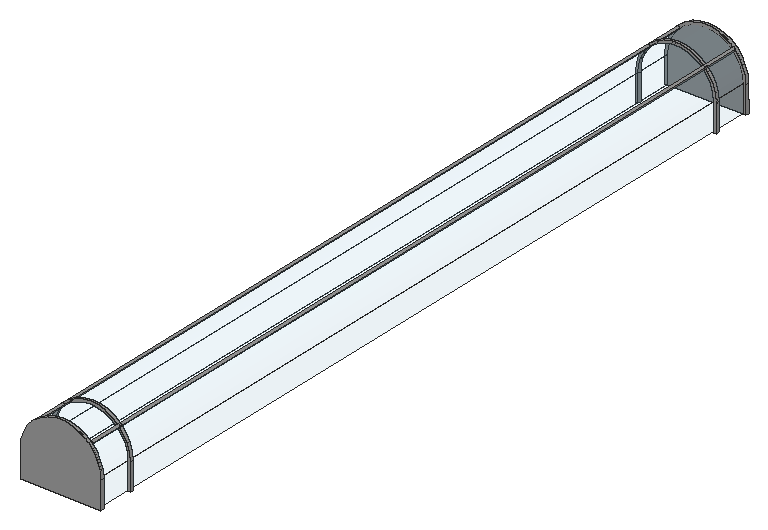
Revit family "WS900", category Lighting Fixtures, host Face, Revit 2024
Family settings
  Host = Face
  Round Connector Dimension = Use Diameter
  Part Type = Normal
  Cut with Voids When Loaded = No
  Light Source = Yes
  Maintain Annotation Orientation = No
  Shared = No
  Room Calculation Point = No
Parameters (values of type "WS900-5")
  Wattage = 9.2903 W
  built-in parameter 1150110 = 1 (stored number, unit not read)
  URL = "https://cdn.shopify.com/s/files/1/0618/1250/6818/files/Lumux_WS900.pdf?v=1717697055"
  built-in parameter 1114217 = 1 (stored number, unit not read)
  built-in parameter 1150109 = 1 (stored number, unit not read)
  built-in parameter 1150134 = 3
  built-in parameter 1150113 = 1 (stored number, unit not read)
  Model = "WS900-5"
  Manufacturer = "sales@lumux.com"
  built-in parameter 1150105 = 439.27 (stored number, unit not read)
  Lumens = 1380 lm
  built-in parameter 1150115 = 1 (stored number, unit not read)
  Light Source Symbol Size = 609.6 mm
  built-in parameter 1150137 = (empty or 0)
  built-in parameter 1150139 = (empty or 0)
  built-in parameter 1150112 = 1 (stored number, unit not read)
  built-in parameter 1150114 = 1 (stored number, unit not read)
  built-in parameter 1150132 = (empty or 0)
  built-in parameter 1150102 = (empty or 0)
  built-in parameter 1150107 = 3200 (stored number, unit not read)
  built-in parameter 1150138 = (empty or 0)
  built-in parameter 1150106 = 4.3927 (stored number, unit not read)
  Height = 1524 mm
  built-in parameter 1150104 = 13.8 (stored number, unit not read)
  Dimming Lamp Color Temperature Shift = <None>
  Description = "WALL SCONCE"
  Default Elevation = 1219.2 mm
  Color Filter = 16777215
  built-in parameter 1114218 = 1 (stored number, unit not read)
  built-in parameter 1150133 = 10 (stored number, unit not read)
Types (5, lengths in mm): name | Model | Height
  (no name) | "WS900-5" | 1524
  WS900-1 | "WS900-1" | 457.2
  WS900-2 | "WS900-2" | 609.6
  WS900-4 | "WS900-4" | 1219.2
  WS900-5 | "WS900-5" | 1524
Reference planes
  plane 1 "Center (Front/Back)": y = 0
  plane 2: z = 0
  plane 3 "Center (Left/Right)": x = 0
  plane 4: y = 762
  plane 5: y = -762
  plane 6: y = 687.1
  plane 7: y = -687.1
Forms (mm)
  Extrusion 1, solid, material "Louvre"
    sketch origin (96.2, 0, 0) x (1, 0, 0) y (0, 0, 1)
      loop
        line (-20, 0) -> (-20, 50.8)
        arc (-20, 50.8) -> (-96.2, 127) -> (-172.4, 50.8) r 76.2
        line (-172.4, 50.8) -> (-172.4, 0) -> (-20, 0)
    from -762 to -757
  Extrusion 2, solid, material "Louvre"
    sketch origin (96.2, 0, 0) x (1, 0, 0) y (0, 0, 1)
      loop
        line (-20, 0) -> (-20, 50.8)
        arc (-20, 50.8) -> (-96.2, 127) -> (-172.4, 50.8) r 76.2
        line (-172.4, 50.8) -> (-172.4, 0) -> (-20, 0)
    from 762 to 757
  Extrusion 3, solid, material "Glass"
    sketch origin (96.2, 0, 0) x (1, 0, 0) y (0, 0, 1)
      loop
        line (-25, 0) -> (-25, 50.8)
        arc (-25, 50.8) -> (-96.2, 122) -> (-167.4, 50.8) r 71.2
        line (-167.4, 50.8) -> (-167.4, 0) -> (-25, 0)
    from -757 to 757
  Extrusion 4, solid, material "Louvre"
    sketch origin (96.2, 0, 0) x (1, 0, 0) y (0, 0, 1)
      loop
        line (-20, 0) -> (-20, 50.8)
        arc (-20, 50.8) -> (-96.2, 127) -> (-172.4, 50.8) r 76.2
        line (-172.4, 50.8) -> (-172.4, 0) -> (-167.4, 0) -> (-167.4, 50.8)
        arc (-167.4, 50.8) -> (-96.2, 122) -> (-25, 50.8) r 71.2
        line (-25, 50.8) -> (-25, 0) -> (-20, 0)
    from -692.061 to -687.1
  Extrusion 5, solid, material "Louvre"
    sketch origin (96.2, 0, 0) x (1, 0, 0) y (0, 0, -1)
      loop
        line (-20, 0) -> (-25, 0) -> (-25, -50.8)
        arc (-25, -50.8) -> (-96.2, -122) -> (-167.4, -50.8) r 71.2
        line (-167.4, -50.8) -> (-167.4, 0) -> (-172.4, 0) -> (-172.4, -50.8)
        arc (-172.4, -50.8) -> (-96.2, -127) -> (-20, -50.8) r 76.2
        line (-20, -50.8) -> (-20, 0)
    from -692.061 to -687.1
  Extrusion 6, solid, material "Louvre"
    sketch origin (96.2, 0, 0) x (1, 0, 0) y (0, 0, 1)
      loop
        line (-151.82, 102.885) -> (-148.283, 99.347)
        arc (-148.283, 99.347) -> (-146.546, 101.146) -> (-144.747, 102.883) r 71.2
        line (-144.747, 102.883) -> (-148.285, 106.42)
        arc (-148.285, 106.42) -> (-150.082, 104.682) -> (-151.82, 102.885) r 76.2
    from -757 to 757
  Extrusion 7, solid, material "Louvre"
    sketch origin (-96.2, 0, 0) x (-1, 0, 0) y (0, 0, -1)
      loop
        arc (-151.82, -102.885) -> (-150.082, -104.682) -> (-148.285, -106.42) r 76.2
        line (-148.285, -106.42) -> (-144.747, -102.883)
        arc (-144.747, -102.883) -> (-146.546, -101.146) -> (-148.283, -99.347) r 71.2
        line (-148.283, -99.347) -> (-151.82, -102.885)
    from -757 to 757
Dimensions and locks
  equal spacing: plane 4, plane 1 "Center (Front/Back)", plane 5
  "Height": plane 4 to plane 5
  locked: plane 4 to Extrusion 1 at 5
  locked: Extrusion 2 to plane 5 at 5
  locked: plane 7 to Extrusion 5 at 4.961
  locked: Extrusion 4 to plane 6 at 4.961
  locked: plane 4 to plane 6 at 74.9
  locked: plane 7 to plane 5 at 74.9
  aligned and locked: plane 2 to host face
  aligned and locked: level to host face
  aligned and locked: plane 4 to Extrusion 1
  aligned and locked: Extrusion 2 to plane 5
  aligned and locked: Extrusion 3 to Extrusion 1
  aligned and locked: Extrusion 3 to Extrusion 2
  aligned and locked: plane 7 to Extrusion 5
  aligned and locked: Extrusion 4 to plane 6
  aligned and locked: Extrusion 6 to Extrusion 1
  aligned and locked: Extrusion 6 to Extrusion 2
  aligned and locked: Extrusion 7 to Extrusion 1
  aligned and locked: Extrusion 7 to Extrusion 2
Automatic sketch dimensions
  host sketch curve to host sketch curve = 2438.4 mm  (x2)
  Extrusion 1 sketch curve to level = 0 mm
  Extrusion 1 sketch curve to plane 3 "Center (Left/Right)" = 0 mm
  Extrusion 1 sketch curve to Extrusion 1 sketch curve = 76.2 mm
  Extrusion 1 sketch curve to Extrusion 1 sketch curve = 50.8 mm
  Extrusion 2 sketch curve to level = 0 mm
  Extrusion 2 sketch curve to plane 3 "Center (Left/Right)" = 0 mm
  Extrusion 2 sketch curve to Extrusion 2 sketch curve = 76.2 mm
  Extrusion 2 sketch curve to Extrusion 2 sketch curve = 50.8 mm
  Extrusion 3 sketch curve to level = 0 mm
  Extrusion 3 sketch curve to plane 3 "Center (Left/Right)" = 0 mm
  Extrusion 3 sketch curve to plane 3 "Center (Left/Right)" = 71.2 mm
  Extrusion 3 sketch curve to Extrusion 3 sketch curve = 50.8 mm
  Extrusion 4 sketch curve to Extrusion 4 sketch curve = 0 mm  (x2)
  Extrusion 4 sketch curve to level = 0 mm  (x2)
  Extrusion 4 sketch curve to plane 3 "Center (Left/Right)" = 0 mm
  Extrusion 4 sketch curve to plane 3 "Center (Left/Right)" = 71.2 mm
  Extrusion 4 sketch curve to Extrusion 4 sketch curve = 5 mm
  level to Extrusion 4 sketch curve = 50.8 mm
  Extrusion 5 sketch curve to Extrusion 5 sketch curve = 0 mm  (x2)
  Extrusion 5 sketch curve to level = 0 mm  (x2)
  Extrusion 5 sketch curve to plane 3 "Center (Left/Right)" = 0 mm
  Extrusion 5 sketch curve to plane 3 "Center (Left/Right)" = 71.2 mm
  Extrusion 5 sketch curve to Extrusion 5 sketch curve = 5 mm
  Extrusion 5 sketch curve to Extrusion 5 sketch curve = 50.8 mm
  Extrusion 6 sketch curve to Extrusion 6 sketch curve = 0 mm  (x2)
  Extrusion 6 sketch curve to plane 3 "Center (Left/Right)" = 0 mm
  Extrusion 6 sketch curve to plane 3 "Center (Left/Right)" = 48.547 mm
  Extrusion 6 sketch curve to Extrusion 6 sketch curve = 3.536 mm  (x2)
  Extrusion 6 sketch curve to Extrusion 6 sketch curve = 3.538 mm  (x2)
  level to Extrusion 6 sketch curve = 50.8 mm
  Extrusion 6 sketch curve to Extrusion 6 sketch curve = 48.547 mm
  Extrusion 7 sketch curve to Extrusion 7 sketch curve = 0 mm  (x2)
  Extrusion 7 sketch curve to plane 3 "Center (Left/Right)" = 0 mm
  plane 3 "Center (Left/Right)" to Extrusion 7 sketch curve = 48.547 mm
  Extrusion 7 sketch curve to Extrusion 7 sketch curve = 3.536 mm  (x3)
  Extrusion 7 sketch curve to Extrusion 7 sketch curve = 3.538 mm  (x2)
  level to Extrusion 7 sketch curve = 106.42 mm
